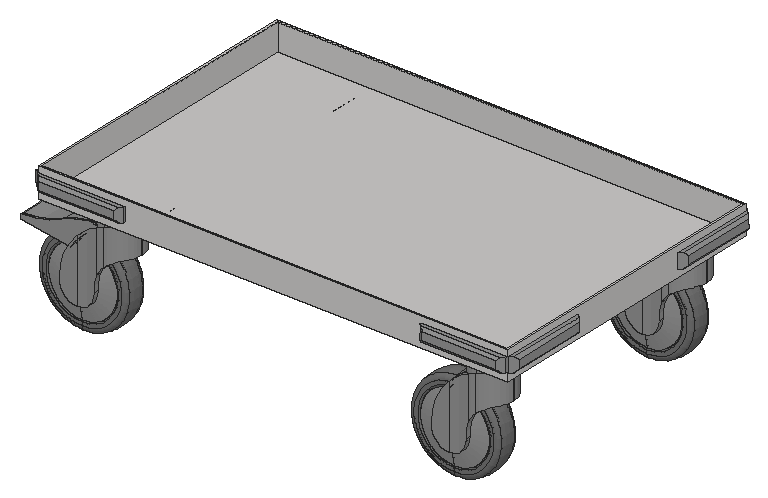
Revit family "QF_BPRO_TRE 6x4_575096", category Sonderausstattung, Revit 2018
Family settings
  Bemaßung runder Anschluss = Durchmesser verwenden
  Teiletyp = Normal
  Arbeitsebenenbasiert = Nein
  Immer vertikal = Ja
  Beim Laden mit Abzugskörper schneiden = Nein
  Gemeinsam genutzt = Nein
  Raumberechnungspunkt = Nein
Parameters (values of type "TRE 6x4")
  Zubehör = yes
  Warnhinweise = ""
  URL = "https://www.bpro-solutions.com/"
  Typenkommentare = "Transportwagen für Eurobehälter"
  Tiefe = 430 mm
  Modell = "TRE 6x4"
  Material Stoßschutz = QF_Plastic-Dark_Grey-Matt
  Material Rollen = QF_Plastic-Dark_Grey-Matt
  Material = QF_Metal-Stainless-Steel_general
  Länge Gerätebreite = 640 mm
  Kosten = 285.4
  Internetadresse für Ersatzteilliste = ""
  Internetadresse Gerätehersteller = "https://www.bpro-solutions.com/"
  ID [instance] = ""
  Höhe = 201 mm
  Hersteller = "B.PRO GmbH"
  Großküchengerätezuordnung = yes
  Gerätegewicht Netto = 8.00 kg
  Freiraum [instance] = no
  CE Kennzeichnung = yes
  Beschreibung durch Hersteller analog Leistungsverzeichnislangtext = "Abmessungen\n\nLänge:\t\t\t640 mm\nBreite:\t\t430 mm\nHöhe:\t\t201 mm\n\n\nAusführung\n\nDer Transportroller für Eurobehälter besteht komplett aus CNS 18/10. Die Oberfläche ist mikroliert. \n\nDer Wagen ist fahrbar mittels rostfreien Kunststoffrollen gemäß DIN 18867-8 (4 Lenkrollen, davon 2 mit Feststeller, Rollendurchmesser 125 mm). Stoßleisten aus Kunststoff (Polyethylen) an allen vier Seiten schützen vor Beschädigung.\n\n\nTechnische Daten\n\nWerkstoff:\t\tCNS 18/10\nGewicht:\t\t8 kg \nGesamttragfähigkeit:\t120 kg\nPlattformgröße:\t\t600 x 400 mm\n\n\nFabrikat\n\nHersteller:\t\t\tB.PRO\nModell:\tTRE 6 x 4\nBest.Nr.\t575 096"
  Description = "TRE 6 x 4\nPlattformwagen\nfür Eurobehälter,\nohne Schiebegriff,\nmit umlaufendem Profilrand,\nPlattformgröße: 640 x 430 mm"
  Artikel Nummer = "575096"
Reference planes
  plane 1 "Mitte (Vorne/hinten)": y = 0
  plane 2: z = 0
  plane 3 "Mitte (Links/rechts)": x = 0
  plane 4: y = -166
  plane 5: y = 166
  plane 6: x = -241
  plane 7: x = 271
Forms (mm)
  Extrusion 1, solid, material "QF_Metal-Stainless-Steel_general" <- "Material"
    sketch origin (0, 0, 0) x (1, 0, 0) y (0, 1, 0)
      loop
        line (322.5, -205) -> (322.5, 205) -> (-322.5, 205) -> (-322.5, -205) -> (322.5, -205)
      loop
        line (-320.5, 203) -> (-320.5, -202.929) -> (320.5, -202.929) -> (320.5, 203) -> (-320.5, 203)
    from 162.495 to 200.495
  Extrusion 2, solid, material "QF_Metal-Stainless-Steel_general" <- "Material"
    sketch origin (0, 0, 0) x (1, 0, 0) y (0, 1, 0)
      loop
        line (-322.5, -205) -> (322.5, -205) -> (322.5, 205) -> (-322.5, 205) -> (-322.5, -205)
    from 160.495 to 162.495
  Extrusion 3, solid, visible <- "Freiraum"
    sketch origin (946.054, 110.79, 0) x (1, 0, 0) y (0, 1, 0)
      loop
        line (-1278.554, 104.21) -> (-1278.554, -325.79) -> (-613.554, -325.79) -> (-613.554, 104.21) -> (-1278.554, 104.21)
    from 0 to 200.495
Cuts and joins
  joined: Extrusion 1, Extrusion 2
Dimensions and locks
  aligned and locked: level to plane 2
Nested families
  nested 1: "Rolle_125mm_Typ1_1" at (-241, 166, 0) x (0, -1, 0) z (0, 0, 1), type "Bremse und Platte"
  nested 2: "Rolle_125mm_Typ1_1" at (-241, -166, 0) x (0, -1, 0) z (0, 0, 1), type "Bremse und Platte"
  nested 3: "Rolle_125mm_Typ1_1" at (271, -166, 0) x (0, -1, 0) z (0, 0, 1), type "ohne Bremse mit Platte"
  nested 4: "Rolle_125mm_Typ1_1" at (271, 166, 0) x (0, -1, 0) z (0, 0, 1), type "ohne Bremse mit Platte"
  nested 5: "Stoßschutz_Typ3" at (-322.5, -205, 182.495), type "Stoßschutz_Typ3"
  nested 6: "Stoßschutz_Typ3" at (322.5, -205, 182.495) x (0, 1, 0) z (0, 0, 1), type "Stoßschutz_Typ3"
  nested 7: "Stoßschutz_Typ3" at (322.5, 205, 182.495) x (-1, 0, 0) z (0, 0, 1), type "Stoßschutz_Typ3"
  nested 8: "Stoßschutz_Typ3" at (-322.5, 205, 182.495) x (0, -1, 0) z (0, 0, 1), type "Stoßschutz_Typ3"
Definition of nested family "Rolle_125mm_Typ1_1"
  Parameters (values of type "Bremse ohne Platte")
    Meterial Felge = none
    Material Rolle = none
    Material Korpus = none
    Bremse = yes
    Befestigungsplatte = no
  Types (4, lengths in mm): name | Bremse | Befestigungsplatte
    Bremse und Platte | yes | yes
    Bremse ohne Platte | yes | no
    ohne Bremse mit Platte | no | yes
    ohne Bremse ohne Platte | no | no
  Reference planes
    plane 1 "Mitte (Vorne/hinten)": y = 0
    plane 2: z = 0
    plane 3 "Mitte (Links/rechts)": x = 0
    plane 4 "achse": y = -40.006
    plane 5: y = -27.583
    plane 6: y = 27.583
    plane 7: x = -19.406
    plane 8: x = 19.406
  Forms (mm)
    Extrusion 1, solid, material <- "Material Korpus"
      sketch origin (0, 0, 0) x (0, 1, 0) y (0, 0, 1)
        loop
          arc (29.483, 153.125) -> (-36.251, 126.766) -> (-66.01, 62.5) r 95.978
          arc (-66.01, 62.5) -> (-40.006, 36.495) -> (-14.001, 62.5) r 26.005
          arc (-14.001, 62.5) -> (-2.667, 96.712) -> (29.483, 112.998) r 47.282
          line (29.483, 112.998) -> (29.483, 153.125)
      from -29.5 to 29.5
    Extrusion 2, void
      sketch origin (0, 0, 0) x (1, 0, 0) y (0, 1, 0)
        loop
          arc (29.5, 0) -> (29.227, -5.123) -> (28.412, -10.188) r 48.241
          arc (28.412, -10.188) -> (26.103, -25.015) -> (25.536, -40.009) r 128.719
          arc (25.536, -40.009) -> (24.89, -53.073) -> (22.96, -66.01) r 132.493
          line (22.96, -66.01) -> (22.96, -71.01) -> (32.96, -71.01) -> (32.96, 33.99) -> (-32.96, 33.99) -> (-32.96, -71.01) -> (-22.96, -71.01) -> (-22.96, -66.01)
          arc (-22.96, -66.01) -> (-24.89, -53.073) -> (-25.536, -40.009) r 132.493
          arc (-25.536, -40.009) -> (-26.103, -25.015) -> (-28.412, -10.188) r 128.719
          arc (-28.412, -10.188) -> (-29.227, -5.123) -> (-29.5, 0) r 48.241
          arc (-29.5, 0) -> (0, 29.5) -> (29.5, 0) r 29.5
        loop
          arc (24.5, 0) -> (0, 24.5) -> (-24.5, 0) r 24.5
          arc (-24.5, 0) -> (-24.255, -4.592) -> (-23.525, -9.132) r 43.241
          arc (-23.525, -9.132) -> (-21.129, -24.509) -> (-20.536, -40.06) r 133.719
          arc (-20.536, -40.06) -> (-19.888, -52.85) -> (-17.96, -65.51) r 127.493
          line (-17.96, -65.51) -> (-17.96, -76.01) -> (17.96, -76.01) -> (17.96, -65.51)
          arc (17.96, -65.51) -> (19.888, -52.85) -> (20.536, -40.06) r 127.493
          arc (20.536, -40.06) -> (21.129, -24.509) -> (23.525, -9.132) r 133.719
          arc (23.525, -9.132) -> (24.255, -4.592) -> (24.5, 0) r 43.241
      from 0 to 161.3
    Extrusion 3, solid, material <- "Material Korpus"
      sketch origin (0, 0, 0) x (1, 0, 0) y (0, 1, 0)
        loop
          circle (0, 0) r 27.583
        loop
          circle (0, 0) r 22.583
      from 132.308 to 154.969
    Extrusion 4, void
      sketch origin (0, 0, 0) x (0, 1, 0) y (0, 0, 1)
        loop
          arc (29.483, 148.125) -> (-1.46, 142.58) -> (-28.669, 126.834) r 90.978
          line (-28.669, 126.834) -> (29.483, 126.834) -> (29.483, 148.125)
      from -30 to 30
    Extrusion 5, solid, material <- "Material Korpus"
      sketch origin (0, 0, 0) x (0, 1, 0) y (0, 0, 1)
        loop
          arc (0, 148.376) -> (-26.751, 134.682) -> (-47.956, 113.387) r 95.978
          line (-47.956, 113.387) -> (-43.905, 110.457)
          arc (-43.905, 110.457) -> (-24.464, 130.157) -> (0, 143.1) r 90.978
          line (0, 143.1) -> (0, 148.376)
      from -23.033 to 23
    Extrusion 6, void
      sketch origin (0, 0, 0) x (1, 0, 0) y (0, 1, 0)
        loop
          circle (-0.017, 0) r 22.583
      from 106.63 to 154.969
    Extrusion 7, void
      sketch origin (0, 0, 0) x (1, 0, 0) y (0, 1, 0)
        loop
          line (-20.288, -47.956) -> (-20.288, -52.956) -> (20.288, -52.956) -> (20.288, -47.956)
          arc (20.288, -47.956) -> (0, -27.669) -> (-20.288, -47.956) r 20.288
      from 83.979 to 153.125
    Revolve 8, solid, material <- "Material Korpus"
      sketch origin (0, 0, 0) x (0, 1, 0) y (0, 0, 1)
        loop
          line (-27.583, 155.817) -> (-22.583, 155.817) -> (-22.583, 154.969) -> (0, 154.969) -> (0, 160.495) -> (-27.583, 160.495) -> (-27.583, 155.817)
        axis (0, 160.495) -> (0, 154.969)
      angle from 0 to 360
    Extrusion 9, solid, material <- "Material Korpus", visible <- "Befestigungsplatte"
      sketch origin (0, 0, 0) x (1, 0, 0) y (0, 1, 0)
        loop
          line (30, 47.5) -> (-30, 47.5)
          arc (-30, 47.5) -> (-33.536, 46.036) -> (-35, 42.5) r 5
          line (-35, 42.5) -> (-35, -42.5)
          arc (-35, -42.5) -> (-33.536, -46.036) -> (-30, -47.5) r 5
          line (-30, -47.5) -> (30, -47.5)
          arc (30, -47.5) -> (33.536, -46.036) -> (35, -42.5) r 5
          line (35, -42.5) -> (35, 42.5)
          arc (35, 42.5) -> (33.536, 46.036) -> (30, 47.5) r 5
      from 158.8 to 161.3
    Revolve 10, solid, material <- "Material Rolle"
      sketch origin (0, -40.006, 0) x (0, 0, -1) y (1, 0, 0)
        loop
          line (-62.5, -12.996) -> (-14.712, -12.996) -> (-14.629, -14.183)
          arc (-14.629, -14.183) -> (-14.012, -15.475) -> (-12.68, -16) r 1.953
          line (-12.68, -16) -> (-7.356, -16)
          arc (-7.356, -16) -> (-3.064, -14.525) -> (-0.584, -10.724) r 6.984
          arc (-0.584, -10.724) -> (0.747, 0) -> (-0.584, 10.724) r 43.854
          arc (-0.584, 10.724) -> (-3.064, 14.525) -> (-7.356, 16) r 6.984
          line (-7.356, 16) -> (-12.68, 16)
          arc (-12.68, 16) -> (-14.012, 15.475) -> (-14.629, 14.183) r 1.953
          line (-14.629, 14.183) -> (-14.712, 12.996) -> (-62.5, 12.996) -> (-62.5, -12.996)
        axis (-62.5, -16) -> (-62.5, 16)
      angle from 0 to 360
    Revolve 11, solid, material <- "Meterial Felge"
      sketch origin (0, -40.006, 0) x (0, 0, -1) y (1, 0, 0)
        loop
          arc (-62.5, -22.767) -> (-38.311, -20.846) -> (-14.712, -15.198) r 156.034
          line (-14.712, -15.198) -> (-14.712, 15.198)
          arc (-14.712, 15.198) -> (-38.311, 20.846) -> (-62.5, 22.767) r 156.034
          line (-62.5, 22.767) -> (-62.5, -22.767)
        axis (-62.5, -22.767) -> (-62.5, 22.767)
      angle from 0 to 360
    Extrusion 12, solid, material <- "Material Korpus", visible <- "Bremse"
      sketch origin (0, 0, 0) x (0, 1, 0) y (0, 0, 1)
        loop
          arc (-49.4, 105.824) -> (-29.128, 129.052) -> (-2.377, 144.374) r 92.978
          line (-2.377, 144.374) -> (-24.983, 146.448)
          arc (-24.983, 146.448) -> (-43.484, 142.245) -> (-61.13, 135.276) r 124.365
          arc (-61.13, 135.276) -> (-90.048, 124.527) -> (-120.492, 119.527) r 160.001
          arc (-120.492, 119.527) -> (-121.721, 118.993) -> (-122.334, 117.801) r 1.991
          line (-122.334, 117.801) -> (-123.025, 112.581) -> (-49.4, 105.824)
      from -25 to 25
    Extrusion 13, void
      sketch origin (0, 0, 0) x (1, 0, 0) y (0, 1, 0)
        loop
          line (-24.687, -2.377) -> (-40, -2.377) -> (-40, -137.377) -> (-17.56, -137.377)
          arc (-17.56, -137.377) -> (-23.153, -69.984) -> (-24.687, -2.377) r 1125.228
        loop
          arc (-21.687, -2.377) -> (-20.149, -69.984) -> (-14.54, -137.377) r 1122.228
          line (-14.54, -137.377) -> (14.54, -137.377)
          arc (14.54, -137.377) -> (20.149, -69.984) -> (21.687, -2.377) r 1122.228
          line (21.687, -2.377) -> (-21.687, -2.377)
        loop
          arc (24.687, -2.377) -> (23.153, -69.984) -> (17.56, -137.377) r 1125.228
          line (17.56, -137.377) -> (40, -137.377) -> (40, -2.377) -> (24.687, -2.377)
      from 100.163 to 161.8
    Extrusion 14, void
      sketch origin (0, 0, 0) x (1, 0, 0) y (0, 1, 0)
        loop
          circle (0, 0) r 27.583
      from 83.929 to 175.029
    Extrusion 15, solid, material <- "Material Korpus", visible <- "Bremse"
      sketch origin (0, 0, 0) x (0, 1, 0) y (0, 0, 1)
        loop
          line (-12.244, 145.279) -> (-24.983, 146.448)
          arc (-24.983, 146.448) -> (-43.484, 142.245) -> (-61.13, 135.276) r 124.365
          arc (-61.13, 135.276) -> (-90.048, 124.527) -> (-120.492, 119.527) r 160.001
          arc (-120.492, 119.527) -> (-121.721, 118.993) -> (-122.334, 117.801) r 1.991
          line (-122.334, 117.801) -> (-123.013, 112.668) -> (-120.843, 112.381) -> (-120.293, 116.533)
          arc (-120.293, 116.533) -> (-89.279, 121.627) -> (-59.819, 132.578) r 163.001
          arc (-59.819, 132.578) -> (-42.769, 139.326) -> (-24.897, 143.428) r 121.365
          line (-24.897, 143.428) -> (-12.244, 142.267) -> (-12.244, 145.279)
      from -30 to 30
    Extrusion 16, void
      sketch origin (0, 0, 0) x (1, 0, 0) y (0, 1, 0)
        loop
          line (-21.718, -9.744) -> (-35.589, -9.744) -> (-35.589, -127.783) -> (-15.589, -127.783)
          arc (-15.589, -127.783) -> (-20.208, -68.844) -> (-21.718, -9.744) r 1122.228
        loop
          line (15.589, -127.783) -> (35.589, -127.783) -> (35.589, -9.744) -> (21.718, -9.744)
          arc (21.718, -9.744) -> (20.208, -68.844) -> (15.589, -127.783) r 1122.228
      from 95.424 to 163.646
  Cuts and joins
    Extrusion 2 cuts Extrusion 1
    Extrusion 4 cuts Extrusion 3
    Extrusion 6, Extrusion 7 cuts Extrusion 5
    joined: Extrusion 1, Extrusion 3, Extrusion 5
    Extrusion 13, Extrusion 14 cuts Extrusion 12
    Extrusion 14, Extrusion 16 cuts Extrusion 15
  Dimensions and locks
    aligned and locked: level to plane 2
Definition of nested family "Stoßschutz_Typ3"
  Parameters (values of type "Stoßschutz_Typ3")
    Material = none
  Reference planes
    plane 1 "Mitte (Vorne/hinten)": y = 0
    plane 2: z = 0
    plane 3 "Mitte (Links/rechts)": x = 0
  Forms (mm)
    Extrusion 1, solid, material <- "Material"
      sketch origin (0, 0, 0) x (1, 0, 0) y (0, 0, 1)
        loop
          line (-6, 9.75) -> (-10, 5.75) -> (-10, -5.75) -> (-6, -9.75) -> (0, -9.75) -> (0, 9.75) -> (-6, 9.75)
      from -118.5 to 0
    Extrusion 2, void
      sketch origin (0, 0, 0) x (1, 0, 0) y (0, 1, 0)
        loop
          line (0, -2) -> (-12, 10) -> (-12, -2) -> (0, -2)
        loop
          line (0, 120.5) -> (-12, 120.5) -> (-12, 108.5) -> (0, 120.5)
      from -10 to 10
    Extrusion 3, solid, material <- "Material"
      sketch origin (0, 0, 0) x (0, 1, 0) y (0, 0, -1)
        loop
          line (-6, -9.75) -> (0, -9.75) -> (0, 9.75) -> (-6, 9.75) -> (-10, 5.75) -> (-10, -5.75) -> (-6, -9.75)
      from -118.5 to 0
    Extrusion 4, void
      sketch origin (0, 0, 0) x (0, 1, 0) y (-1, 0, 0)
        loop
          line (0, 2) -> (-12, 2) -> (-12, -10) -> (0, 2)
        loop
          line (0, -120.5) -> (-12, -108.5) -> (-12, -120.5) -> (0, -120.5)
      from -10 to 10
  Cuts and joins
    Extrusion 2 cuts Extrusion 1
    Extrusion 4 cuts Extrusion 3
  Dimensions and locks
    aligned and locked: level to plane 2
